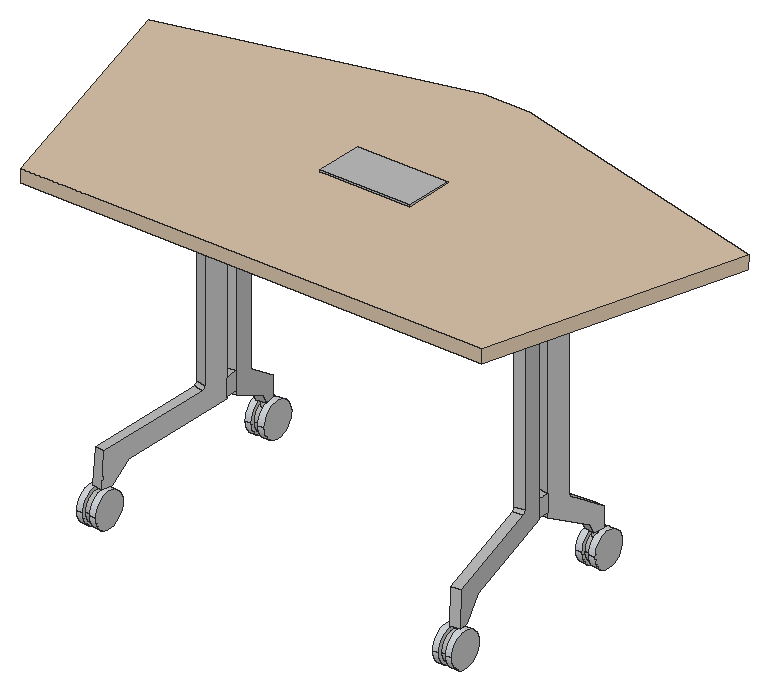
Revit family "Haworth_Planes_TrainingTable_Polygon24", category Furniture Systems, Revit 2018
Family settings
  Round Connector Dimension = Use Diameter
  Part Type = Normal
  OmniClass Number = 23.40.70.14.64.21
  OmniClass Title = Systems Furniture
  Work Plane-Based = No
  Always vertical = Yes
  Cut with Voids When Loaded = No
  Shared = No
  Room Calculation Point = No
Parameters (values of type "55w 24d")
  Warranty = "http://www.haworth.com/resources/product-info/warranties"
  Void Top Placement = Actual Height + 2"  # 31"
  Void Cutout Height = if(Cutout, 5", 1/2")  # 5"
  URL - Product = "http://www.haworth.com/products/tables/training/planes"
  Type Comments = ""
  Table Finish [instance] = Haworth _ Laminate _ Maple H-AE
  Table Edge Finish [instance] = Haworth _ Laminate _ Maple H-AE
  Sustainability Info = "http://media.haworth.com/asset/5175/Planes%20tables%20PEDS.pdf"
  Opening Single Wide = no
  Opening Single Narrow = no
  Opening Single = and(Cutout, not(or(Opening Single Wide, Opening Single Narrow)))  # yes
  Leg Placement = 28"  # constant formula
  Knife Edge = not(Edgeband)  # no
  Fliptop Width = Cutout Width + 1/4"  # 8 1/4"
  Fliptop Depth = Cutout Depth + 3/8"  # 4 3/8"
  Model = "TACV"  # constant formula
  Leg Finish [instance] = Haworth _ Paint _ Metallic Champagne
  Glides = not(Casters)  # no
  Flip Top Finish = Haworth _ Paint _ Metallic Champagne
  Flip Top = yes
  Edgeband = yes
  Description = "Haworth - Planes Training - Table Polygon - 24"  # constant formula
  Cutout Width = if(Opening Single Wide, 11", if(Opening Single Narrow, 4", 8"))  # 8"
  Cutout Depth = 4"  # constant formula
  URL = "www.haworth.com"
  Table Thickness = 1 3/16"  # constant formula
  Support Spacing - From Edge = 6 1/4"  # constant formula
  Size = "Verify Final Dim. w/ Haworth"  # constant formula
  Revision Number = "3"  # constant formula
  Manufacturer = "Haworth"  # constant formula
  Leg Height = Actual Height - Table Thickness  # 27 13/16"
  Cutout = yes
  Casters = yes
  Caster Finish [instance] = Haworth _ Paint _ Metallic Champagne
  Author = "Haworth (Hampton, Alias)"  # constant formula
  Assembly Code = "E2020200"
  Actual Width = 55"  # constant formula
  Actual Height = 29"  # constant formula
  Actual Depth = 24"  # constant formula
Reference planes (in)
  plane 1 "Middle Leg": y = 0
  plane 2: z = 0
  plane 3 "Center L/R": x = 0
  plane 4 "Table Edge Left": x = -27.5
  plane 5 "Table Edge Right": x = 27.5
  plane 6 "Table Edge Front": y = 15.10622
  plane 7 "Table Edge Back": y = -8.89378
  plane 8 "Table Leg Left": x = -14
  plane 9 "Table Leg Right": x = 14
  plane 10 "Top": z = 29
  plane 11 "Support Back": y = 8.85622
  plane 12 "Left Angle": through (-19.72668, -14.03707, 48) normal (-0.963, -0.2695, 0)
  plane 13 "Top Bottom": z = 27.8125
  plane 14 "Void Bottom": z = 27
  plane 15 "Void Top": z = 31
  plane 16 "Center F/B": y = 6.35622
  plane 17 "Cutout Left": x = -4.125
  plane 18 "Cutout Right": x = 4.125
  plane 19 "Cutout Back": y = 8.35622
  plane 20 "Cutout Front": y = 4.35622
  plane 21 "Void Cutout Bottom": z = 26
  plane 22 "Back Corner": y = 13.78074
  plane 23 "Corner Left": x = -2.125
  plane 24 "Corner Right": x = 2.125
  plane 25 "Right Angel": through (19.73158, -14.04208, 48) normal (-0.9632, 0.2689, 0)
  plane 26 "Left Back": through (6.24166, 22.55102, 48) normal (0.2516, -0.9678, 0)
  plane 27 "Right Back": through (-6.24166, 22.55102, 48) normal (0.2516, 0.9678, 0)
  plane 28 "Back": y = 20.37632
  plane 29 "Knife Edge Middle": z = 28.625
Forms (in)
  Extrusion 1, solid, material "Haworth _ Laminate _ Maple H-AE" <- "Table Finish", visible <- "Edgeband"
    sketch origin (0, 0, 29) x (-1, 0, 0) y (0, -1, 0)
      loop
        line (-27.49895, -13.78101) -> (-2.125, -20.37632) -> (2.125, -20.37632) -> (27.51121, -13.77782) -> (21.16613, 8.89378) -> (-21.16883, 8.89378) -> (-27.49895, -13.78101)
    from -1.1875 to 0
  Extrusion 2, void
    sketch origin (0, 0, 29) x (-1, 0, 0) y (0, -1, 0)
      loop
        line (4.125, -8.35622) -> (4.125, -4.35622) -> (-4.125, -4.35622) -> (-4.125, -8.35622) -> (4.125, -8.35622)
    from -3 to 2
  Extrusion 3, solid, material "Haworth _ Laminate _ Maple H-AE" <- "Table Finish", visible <- "Knife Edge"
    sketch origin (0, 0, 29) x (-1, 0, 0) y (0, -1, 0)
      loop
        line (-27.49895, -13.78101) -> (-2.125, -20.37632) -> (2.125, -20.37632) -> (27.51121, -13.77782) -> (21.16613, 8.89378) -> (-21.16883, 8.89378) -> (-27.49895, -13.78101)
    from -0.375 to 0
  Blend 4, solid, material "Haworth _ Laminate _ Maple H-AE" <- "Table Finish", visible <- "Knife Edge"
    base sketch origin (0, 0, 29) x (-1, 0, 0) y (0, -1, 0)
      loop
        line (27.51121, -13.77782) -> (21.72587, 6.89378) -> (-21.72717, 6.89378) -> (-27.49895, -13.78101) -> (-2.125, -20.37632) -> (2.125, -20.37632) -> (27.51121, -13.77782)
    top sketch origin (0, 0, 29) x (-1, 0, 0) y (0, -1, 0)
      loop
        line (21.16613, 8.89378) -> (-21.16883, 8.89378) -> (-27.49895, -13.78101) -> (-2.125, -20.37632) -> (2.125, -20.37632) -> (27.51121, -13.77782) -> (21.16613, 8.89378)
    from -1.1875 to -0.375
Cuts and joins
  Extrusion 2 cuts Extrusion 1
  Extrusion 2 cuts Extrusion 3
  Extrusion 2 cuts Blend 4
  joined: Extrusion 3, Blend 4
Lines and regions (in)
  Masking region 1
    outline origin (0, 0, 29) x (-1, 0, 0) y (0, -1, 0)
      loop
        line (-2.125, -20.37632) -> (2.125, -20.37632) -> (27.51121, -13.77782) -> (21.16613, 8.89378) -> (-21.16883, 8.89378) -> (-27.49895, -13.78101) -> (-2.125, -20.37632)
  symbolic lines, style "Haworth", visible <- "Cutout", detail levels medium+fine
    curve 1: line (-4.125, 8.35622, 29) -> (4.125, 8.35622, 29)
    curve 2: line (-4.125, 4.35622, 29) -> (-4.125, 8.35622, 29)
    curve 3: line (4.125, 4.35622, 29) -> (-4.125, 4.35622, 29)
    curve 4: line (4.125, 8.35622, 29) -> (4.125, 4.35622, 29)
  symbolic lines, style "Haworth Hidden", visible <- "Knife Edge", detail levels medium+fine
    curve 5: line (-21.72587, -6.89378, 29) -> (21.72717, -6.89378, 29)
Dimensions and locks (in)
  "Actual Width": plane 4 "Table Edge Left" to plane 5 "Table Edge Right"
  equal spacing: plane 4 "Table Edge Left", plane 3 "Center L/R", plane 5 "Table Edge Right"
  "Actual Depth": plane 6 "Table Edge Front" to plane 7 "Table Edge Back"
  plane 6 "Table Edge Front" to plane 1 "Middle Leg" to plane 7 "Table Edge Back" = 15.10622", 8.89378"
  "Actual Height": plane 10 "Top" to level
  equal spacing: plane 8 "Table Leg Left", plane 3 "Center L/R", plane 9 "Table Leg Right"
  "Leg Placement": plane 8 "Table Leg Left" to plane 9 "Table Leg Right"
  "Table Thickness": plane 10 "Top" to plane 13 "Top Bottom"
  "Support Spacing - From Edge": plane 6 "Table Edge Front" to plane 11 "Support Back"
  "Void Top Placement": plane 15 "Void Top" to level
  plane 15 "Void Top" to plane 14 "Void Bottom" = 4"
  locked: plane 11 "Support Back" to plane 16 "Center F/B" at 2.5
  equal spacing: plane 17 "Cutout Left", plane 3 "Center L/R", plane 18 "Cutout Right"
  "Fliptop Width": plane 17 "Cutout Left" to plane 18 "Cutout Right"
  equal spacing: plane 19 "Cutout Back", plane 16 "Center F/B", plane 20 "Cutout Front"
  "Cutout Depth": plane 19 "Cutout Back" to plane 20 "Cutout Front"
  "Void Cutout Height": plane 15 "Void Top" to plane 21 "Void Cutout Bottom"
  locked: plane 6 "Table Edge Front" to plane 22 "Back Corner" at 1.32549
  locked: plane 10 "Top" to plane 29 "Knife Edge Middle" at 0.375
  locked: Blend 4 sketch curve to plane 7 "Table Edge Back" at 2
  locked: plane 7 "Table Edge Back" to curve 5 at 2
  aligned and locked: Extrusion 1 to plane 13 "Top Bottom"
  aligned and locked: plane 10 "Top" to Extrusion 1
  aligned and locked: plane 17 "Cutout Left" to Extrusion 2 sketch curve
  aligned and locked: Extrusion 2 sketch curve to plane 20 "Cutout Front"
  aligned and locked: plane 18 "Cutout Right" to Extrusion 2 sketch curve
  aligned and locked: Extrusion 2 sketch curve to plane 19 "Cutout Back"
  aligned and locked: Extrusion 2 to plane 21 "Void Cutout Bottom"
  aligned and locked: plane 15 "Void Top" to Extrusion 2
  aligned and locked: plane 1 "Middle Leg" to nested 1
  aligned and locked: nested 2 to plane 1 "Middle Leg"
  aligned and locked: plane 8 "Table Leg Left" to nested 1
  aligned and locked: plane 9 "Table Leg Right" to nested 2
  aligned and locked: Masking region 1 sketch curve to plane 26 "Left Back"
  aligned and locked: Masking region 1 sketch curve to plane 25 "Right Angel"
  aligned and locked: plane 26 "Left Back" to Extrusion 1 sketch curve
  aligned and locked: plane 25 "Right Angel" to Extrusion 1 sketch curve
  aligned and locked: plane 28 "Back" to Masking region 1 sketch curve
  aligned and locked: plane 28 "Back" to Extrusion 1 sketch curve
  aligned and locked: curve 4 to cut or joined group of Extrusion 1, Extrusion 2
  aligned and locked: curve 1 to cut or joined group of Extrusion 1, Extrusion 2
  aligned and locked: curve 2 to cut or joined group of Extrusion 1, Extrusion 2
  aligned and locked: curve 3 to cut or joined group of Extrusion 1, Extrusion 2
  aligned and locked: nested 3 to plane 16 "Center F/B"
  aligned and locked: plane 3 "Center L/R" to nested 3
  aligned and locked: Extrusion 1 sketch curve to plane 12 "Left Angle"
  aligned and locked: Extrusion 1 sketch curve to plane 7 "Table Edge Back"
  aligned and locked: Extrusion 3 sketch curve to plane 7 "Table Edge Back"
  aligned and locked: plane 25 "Right Angel" to Extrusion 3 sketch curve
  aligned and locked: Extrusion 3 sketch curve to plane 27 "Right Back"
  aligned and locked: plane 26 "Left Back" to Extrusion 3 sketch curve
  aligned and locked: Extrusion 3 sketch curve to plane 12 "Left Angle"
  aligned and locked: plane 28 "Back" to Extrusion 3 sketch curve
  aligned and locked: plane 10 "Top" to Extrusion 3
  aligned and locked: plane 29 "Knife Edge Middle" to Extrusion 3
  aligned and locked: Blend 4 sketch curve to plane 12 "Left Angle"
  aligned and locked: plane 26 "Left Back" to Blend 4 sketch curve
  aligned and locked: plane 27 "Right Back" to Blend 4 sketch curve
  aligned and locked: Blend 4 sketch curve to plane 28 "Back"
  aligned and locked: Blend 4 sketch curve to plane 25 "Right Angel"
  aligned and locked: plane 25 "Right Angel" to Blend 4 sketch curve
  aligned and locked: Blend 4 sketch curve to plane 27 "Right Back"
  aligned and locked: plane 28 "Back" to Blend 4 sketch curve
  aligned and locked: Blend 4 sketch curve to plane 26 "Left Back"
  aligned and locked: plane 12 "Left Angle" to Blend 4 sketch curve
  aligned and locked: Blend 4 sketch curve to plane 7 "Table Edge Back"
  aligned and locked: Blend 4 to nested 1
  aligned and locked: Blend 4 to plane 29 "Knife Edge Middle"
  aligned and locked: plane 16 "Center F/B" to nested 4
  aligned and locked: plane 3 "Center L/R" to nested 4
  aligned and locked: plane 2 to nested 4
  aligned and locked: plane 10 "Top" to nested 3
Automatic sketch dimensions
  plane 27 "Right Back" to Extrusion 1 sketch curve = 0"
  Extrusion 1 sketch curve to plane 24 "Corner Right" = 0"
  plane 27 "Right Back" to Masking region 1 sketch curve = 0"
  Masking region 1 sketch curve to plane 7 "Table Edge Back" = 0"
  Masking region 1 sketch curve to plane 24 "Corner Right" = 0"
  plane 12 "Left Angle" to Masking region 1 sketch curve = 0"  (x2)
  plane 25 "Right Angel" to curve 5 = 0"
  plane 12 "Left Angle" to curve 5 = 0"
Nested families (in)
  nested 1: "Haworth_Leg-Planes_Training_24D" at (-14, 0, 0), type "Leg"
    with Leg Height 27 13/16"
  nested 2: "Haworth_Leg-Planes_Training_24D" at (14, 0, 0) x (-1, 0, 0) z (0, 0, 1), type "Leg"
    with Leg Height 27 13/16"
  nested 3: "Haworth_Worksurface_FlipTop_Unit_Part" at (-0.57037, 6.30374, 29), visible <- "Flip Top", type "Single Sided"
  nested 4: "Haworth_Planes_TrainingTable_Stretcher_Part" at (0, 3.16339, 0), type "Stretcher"
    with Actual Width 28"
Definition of nested family "Haworth_Leg-Planes_Training_24D"
  Parameters
    Table Depth = 24"
    Model = "Haworth_Leg-Planes_Training_24D"  # constant formula
    Manufacturer = "Haworth"  # constant formula
    Leg Height = 27 1/2"
    Leg Finish = none
    Glides = no
    Front Leg Depth = Table Depth - 12 1/2"  # 11 1/2"
    Description = "Haworth_Leg-Planes_Training_24D"
    Casters = yes
    Caster Finish = none
    Author = "Haworth (Hampton)"  # constant formula
    Assembly Code = ""
  Reference planes (in)
    plane 1 "Center (Front/Back)": y = 0
    plane 2: z = 0
    plane 3 "Center (Left/Right)": x = 0
    plane 4 "Top of Leg": z = 27.5
    plane 5 "Y Leg Stand": x = -2.35156
    plane 6 "Left Y Leg": through (-0.17621, 0.60996, 48) normal (-0.8829, -0.4695, 0)
    plane 7 "Left Post": x = -0.5625
    plane 8 "Left Support": y = 11.57793
    plane 9: through (-0.17621, -0.60996, 48) normal (0.8829, -0.4695, 0)
    plane 10: y = -11.32793
    plane 11: x = -1.18359
    plane 12: y = 6.2083
  Forms (in)
    Revolve 1, solid, material <- "Leg Finish", visible <- "Glides"
      sketch origin (-1.19307, 0.20824, 0) x (-0.000803, -1, 0) y (0, 0, 1)
        loop
          line (-11.36969, 3.4375) -> (-11.36969, 0) -> (-10.36969, 0) -> (-10.36969, 0.1875) -> (-10.93219, 0.1875) -> (-10.93219, 3.4375) -> (-11.36969, 3.4375)
        axis (-11.36969, 3.4375) -> (-11.36969, 0)
      angle from 0 to 360
    Revolve 2, solid, material <- "Leg Finish", visible <- "Glides"
      sketch origin (-2.36034, 6.04176, 0) x (-0.000803, 1, 0) y (0, 0, -1)
        loop
          line (-11.36969, -3.4375) -> (-10.93219, -3.4375) -> (-10.93219, -0.1875) -> (-10.36969, -0.1875) -> (-10.36969, 0) -> (-11.36969, 0) -> (-11.36969, -3.4375)
        axis (-11.36969, -3.4375) -> (-11.36969, 0)
      angle from 0 to 360
    Extrusion 3, solid, material <- "Leg Finish"
      sketch origin (2.0119, -0.80233, 0) x (0.182579, 0.983191, 0) y (0, 0, 1)
        loop
          line (-5.69087, 6.26139) -> (-5.92579, 3.18345) -> (-4.98335, 3.18345) -> (-3.36322, 4.80358) -> (5.9043, 6.287) -> (5.9043, 26.93342) -> (3.92462, 26.93342) -> (3.92462, 8.10519)
          arc (3.92462, 8.10519) -> (3.85321, 7.91062) -> (3.67287, 7.80844) r 0.30078
          line (3.67287, 7.80844) -> (-5.69087, 6.26139)
      from -3.86674 to -2.94248
    Extrusion 4, solid, material <- "Leg Finish"
      sketch origin (1.99524, 0.3822, 0) x (-0.173889, 0.984765, 0) y (0, 0, 1)
        loop
          line (12.02172, 5.02236) -> (8.82242, 7.10002)
          arc (8.82242, 7.10002) -> (8.72191, 7.20875) -> (8.68546, 7.35227) r 0.30078
          line (8.68546, 7.35227) -> (8.68546, 26.93508) -> (6.68546, 26.93508) -> (6.68546, 6.03031) -> (10.72996, 3.95038) -> (11.08119, 3.19717) -> (12.08119, 3.19717) -> (12.02172, 5.02236)
      from -1.61621 to -0.69725
    Extrusion 5, solid, material <- "Leg Finish"
      sketch origin (0, 0, 0) x (1, 0, 0) y (0, 1, 0)
        loop
          line (-1.10665, 8.6543) -> (-1.44451, 8.6543) -> (-1.44451, 3.76231) -> (-1.07329, 3.76231) -> (-0.71184, 5.70871) -> (-0.75887, 6.68477) -> (-1.10665, 8.6543)
      from 25.04979 to 26.93342
    Extrusion 6, solid, material <- "Leg Finish"
      sketch origin (0, 0, 0) x (1, 0, 0) y (0, 1, 0)
        loop
          line (-0.75887, 6.68477) -> (-0.71184, 5.70871) -> (0.19689, 5.53996) -> (0.14609, 6.84456) -> (-0.75887, 6.68477)
      from 6.48123 to 8.06038
  Lines and regions (in)
    symbolic lines, detail levels medium+fine
      curve 1: line (-2.87176, -5.92254, 0) -> (-1.96304, -6.09129, 0)
      curve 2: line (-1.96304, -6.09129, 0) -> (0.19689, 5.53996, 0)
      curve 3: line (0.19689, 5.53996, 0) -> (0.14609, 6.84456, 0)
      curve 4: line (0.14609, 6.84456, 0) -> (-0.79217, 12.15809, 0)
      curve 5: line (-0.79217, 12.15809, 0) -> (-1.69713, 11.9983, 0)
      curve 6: line (-1.69713, 11.9983, 0) -> (-0.75887, 6.68477, 0)
      curve 7: line (-0.75887, 6.68477, 0) -> (-0.71184, 5.70871, 0)
      curve 8: line (-0.71184, 5.70871, 0) -> (-2.87176, -5.92254, 0)
  Dimensions and locks (in)
    "Leg Height": plane 4 "Top of Leg" to level
    plane 8 "Left Support" to plane 10 = 22.90586"
    plane 12 to plane 10 = 17.53623"
  Automatic sketch dimensions
    Revolve 1 sketch curve to level = 0"
    level to Revolve 1 sketch curve = 3.42885"
    Revolve 1 sketch curve to Revolve 1 sketch curve = 0"
    level to Revolve 1 sketch curve = 3/16"
    Revolve 1 sketch curve to Revolve 1 sketch curve = 7/16"
    Revolve 1 sketch curve to Revolve 1 sketch curve = 9/16"
    Revolve 1 sketch curve to level = 1.07115"
    Revolve 1 sketch curve to Revolve 1 sketch curve = 0.00865"
    Revolve 2 sketch curve to level = 0"
    level to Revolve 2 sketch curve = 3.42885"
    Revolve 2 sketch curve to Revolve 2 sketch curve = 0"
    level to Revolve 2 sketch curve = 3/16"
    Revolve 2 sketch curve to Revolve 2 sketch curve = 7/16"
    Revolve 2 sketch curve to Revolve 2 sketch curve = 9/16"
    Revolve 2 sketch curve to Revolve 2 sketch curve = 0.00865"
    Revolve 2 sketch curve to level = 1.07115"
    Extrusion 3 sketch curve to Extrusion 3 sketch curve = 1.62012"  (x2)
    Extrusion 3 sketch curve to Extrusion 3 sketch curve = 0.04903"
    Extrusion 3 sketch curve to Extrusion 3 sketch curve = 77/256"
    Extrusion 3 sketch curve to plane 4 "Top of Leg" = 0.56658"
    Extrusion 3 sketch curve to Extrusion 3 sketch curve = 1.97968"
    level to Extrusion 3 sketch curve = 8.10519"
    Extrusion 3 sketch curve to Extrusion 3 sketch curve = 1.81819"
    level to Extrusion 3 sketch curve = 6.26139"
    Extrusion 3 sketch curve to Extrusion 3 sketch curve = 1.45781"
    Extrusion 3 sketch curve to Extrusion 3 sketch curve = 0.23492"
    Extrusion 3 sketch curve to Extrusion 3 sketch curve = 0.94244"
    Extrusion 3 sketch curve to Extrusion 3 sketch curve = 6.98706"
    Extrusion 4 sketch curve to plane 4 "Top of Leg" = 0.56492"
    Extrusion 4 sketch curve to Extrusion 4 sketch curve = 2"
    Extrusion 4 sketch curve to Extrusion 4 sketch curve = 0.13696"
    Extrusion 4 sketch curve to Extrusion 4 sketch curve = 77/256"
    level to Extrusion 4 sketch curve = 7.35227"
    Extrusion 4 sketch curve to Extrusion 4 sketch curve = 1.06971"
    Extrusion 4 sketch curve to Extrusion 4 sketch curve = 2.07765"
    Extrusion 4 sketch curve to Extrusion 4 sketch curve = 1.07199"
    Extrusion 4 sketch curve to Extrusion 4 sketch curve = 0.75321"
    Extrusion 4 sketch curve to Extrusion 4 sketch curve = 1.90754"
    Extrusion 4 sketch curve to Extrusion 4 sketch curve = 0.35123"
    Extrusion 4 sketch curve to Extrusion 4 sketch curve = 1.29176"
    Extrusion 4 sketch curve to Extrusion 4 sketch curve = 1"
    plane 11 to Extrusion 5 sketch curve = 0.26091"
    Extrusion 5 sketch curve to plane 11 = 0.07695"
    Extrusion 5 sketch curve to plane 11 = 0.11031"
    plane 7 "Left Post" to Extrusion 5 sketch curve = 0.19637"
    plane 7 "Left Post" to Extrusion 5 sketch curve = 0.14934"
    Extrusion 5 sketch curve to plane 1 "Center (Front/Back)" = 3.76231"
    Extrusion 5 sketch curve to Extrusion 5 sketch curve = 1.9464"
    Extrusion 5 sketch curve to Extrusion 5 sketch curve = 0.97606"
    Extrusion 5 sketch curve to Extrusion 5 sketch curve = 1.96953"
    plane 7 "Left Post" to Extrusion 6 sketch curve = 0.19637"
    plane 7 "Left Post" to Extrusion 6 sketch curve = 0.14934"
    plane 3 "Center (Left/Right)" to Extrusion 6 sketch curve = 0.14609"
    plane 3 "Center (Left/Right)" to Extrusion 6 sketch curve = 0.19689"
    Extrusion 6 sketch curve to plane 1 "Center (Front/Back)" = 5.53996"
    Extrusion 6 sketch curve to Extrusion 6 sketch curve = 0.16875"
    Extrusion 6 sketch curve to Extrusion 6 sketch curve = 0.97606"
    Extrusion 6 sketch curve to Extrusion 6 sketch curve = 0.1598"
    plane 5 "Y Leg Stand" to curve 1 = 0.5202"
    curve 1 to plane 5 "Y Leg Stand" = 0.38852"
    plane 11 to curve 5 = 0.51353"
    plane 7 "Left Post" to curve 4 = 0.22967"
    plane 7 "Left Post" to curve 7 = 0.19637"
    plane 7 "Left Post" to curve 8 = 0.14934"
    plane 3 "Center (Left/Right)" to curve 3 = 0.14609"
    plane 3 "Center (Left/Right)" to curve 3 = 0.19689"
    curve 1 to curve 1 = 0.16875"
    curve 7 to plane 12 = 0.49959"
    plane 12 to curve 7 = 0.47646"
    curve 6 to curve 3 = 0.1598"
  Nested families (in)
    nested 1: "Haworth_3in Caster" at (-1.18359, 11.57793, 0), visible <- "Casters", type "Haworth_3in Caster"
    nested 2: "Haworth_3in Caster" at (-2.35156, -5.32793, 0), visible <- "Casters", type "Haworth_3in Caster"
  Definition of nested family "Haworth_3in Caster"
    Parameters
      Glides = yes
      Caster Finish = none
      Cart Leg Finish = none
      Assembly Code = ""
    Reference planes (in)
      plane 1 "Center (Front/Back)": y = 0
      plane 2: z = 0
      plane 3 "Center (Left/Right)": x = 0
    Forms (in)
      Extrusion 1, solid
        sketch origin (0, 0, -0.02118) x (0, 1, 0) y (0, 0, 1)
          loop
            circle (-0.48695, 1.58368) r 1.5625
        from 0.875 to 0.3125
      Extrusion 2, solid
        sketch origin (0, 0, -0.02118) x (0, 1, 0) y (0, 0, 1)
          loop
            circle (-0.48695, 1.58368) r 1.5625
        from -0.875 to -0.3125
      Extrusion 3, solid
        sketch origin (0, 0, 0) x (0, 1, 0) y (0, 0, 1)
          loop
            circle (-0.48695, 1.5625) r 1.3125
        from -0.3125 to 0.3125
      Extrusion 4, solid
        sketch origin (0, 0, 0) x (1, 0, 0) y (0, 1, 0)
          loop
            circle (0, 0) r 0.25
        from 2.4375 to 3.4375
    Cuts and joins
      joined: Extrusion 3, Extrusion 4
    Dimensions and locks (in)
      plane 3 "Center (Left/Right)" to Extrusion 2 = 5/16"
      Extrusion 1 to plane 3 "Center (Left/Right)" = 7/8"
Definition of nested family "Haworth_Worksurface_FlipTop_Unit_Part"
  Parameters (values of type "Single Sided")
    Warranty = "www.haworth.com/en-us/Products/Pages/Certifications.aspx"
    URL - Product = "www.haworth.com/en-us/Products/Furniture/Systems/Desking-Systems/Pages/Compose.aspx"
    URL = "www.haworth.com"
    Sustainability Info = "www.haworth.com/en-us/About-Us/Sustainability/Pages/Vision.aspx"
    Size = "Verify Final Dim. w/ Haworth"  # constant formula
    Revision Number = "2"  # constant formula
    Model = "Haworth_Worksurface-Flip_Top_Unit"  # constant formula
    Manufacturer = "Haworth"  # constant formula
    LEED Data = "www.haworth.com/_layouts/Haworth.ProductCatalog/Handlers/GetAsset.ashx/ComposeLEEDContributions.pdf?cid=27&rid=1824&type=Leed"
    Flip Top Finish = none
    Description = "Haworth Worksurface-Flip Top Unit - Part"
    Default Elevation = 48"
    Author = "SHAPE Environments, LLC"  # constant formula
    Assembly Code = "E2020200"
    Actual Width = 8 1/4"
    Actual Depth = 4 3/8"
  Reference planes (in)
    plane 1 "Center F/B": y = 0.05249
    plane 2: z = 0
    plane 3 "Center L/R": x = 0.57037
    plane 4 "Back": y = 2.23999
    plane 5 "Right": x = 4.69537
    plane 6 "Front": y = -2.13501
    plane 7 "Left": x = -3.55463
    plane 8 "Table Height": z = 0
  Forms (in)
    Extrusion 1, solid, material <- "Flip Top Finish"
      sketch origin (0, 0, 0) x (-1, 0, 0) y (0, -1, 0)
        loop
          line (3.55463, -2.23999) -> (3.55463, 2.13501) -> (-4.69537, 2.13501) -> (-4.69537, -2.23999) -> (3.55463, -2.23999)
      from 0 to 0.125
    Extrusion 2, solid, material <- "Flip Top Finish"
      sketch origin (0, 0, 0) x (-1, 0, 0) y (0, -1, 0)
        loop
          line (3.42963, -2.05249) -> (3.42963, 1.94751) -> (-4.57037, 1.94751) -> (-4.57037, -2.05249) -> (3.42963, -2.05249)
      from 0 to -2.75
  Cuts and joins
    joined: Extrusion 1, Extrusion 2
  Lines and regions (in)
    Masking region 1
      outline origin (0, 0, 0) x (1, 0, 0) y (0, 1, 0)
        loop
          line (-3.55463, 2.23999) -> (-3.55463, -2.13501) -> (4.69537, -2.13501) -> (4.69537, 2.23999) -> (-3.55463, 2.23999)
  Dimensions and locks (in)
    equal spacing: plane 7 "Left", plane 3 "Center L/R", plane 5 "Right"
    "Actual Width": plane 7 "Left" to plane 5 "Right"
    equal spacing: plane 6 "Front", plane 1 "Center F/B", plane 4 "Back"
    "Actual Depth": plane 4 "Back" to plane 6 "Front"
    plane 7 "Left" to Extrusion 2 sketch curve = 1/8"
    plane 4 "Back" to Extrusion 2 sketch curve = 3/16"
    Extrusion 2 sketch curve to plane 5 "Right" = 1/8"
    Extrusion 2 sketch curve to plane 6 "Front" = 3/16"
    locked: plane 8 "Table Height" to level
    aligned and locked: plane 7 "Left" to Extrusion 1 sketch curve
    aligned and locked: Extrusion 1 sketch curve to plane 4 "Back"
    aligned and locked: plane 6 "Front" to Extrusion 1 sketch curve
    aligned and locked: Extrusion 1 sketch curve to plane 5 "Right"
    aligned and locked: Masking region 1 sketch curve to cut or joined group of Extrusion 1, Extrusion 2  (x3)
    aligned and locked: cut or joined group of Extrusion 1, Extrusion 2 to Masking region 1 sketch curve
Definition of nested family "Haworth_Planes_TrainingTable_Stretcher_Part"
  Parameters (values of type "Stretcher")
    Warranty = "http://www.haworth.com/resources/product-info/warranties"
    URL - Product = "http://www.haworth.com/products/tables/training/planes"
    Type Comments = ""
    Sustainability Info = "http://media.haworth.com/asset/5175/Planes%20tables%20PEDS.pdf"
    Model = "TARA"  # constant formula
    Leg Finish = none
    Description = "Haworth - Planes Training - Table Stretcher"
    URL = "www.haworth.com"
    Size = "Verify Final Dim. w/ Haworth"  # constant formula
    Revision Number = "1"  # constant formula
    Manufacturer = "Haworth"  # constant formula
    Author = "Haworth (Hampton)"  # constant formula
    Assembly Code = "E2020200"
    Actual Width = 46"
    Actual Depth = 5 61/256"  # constant formula
  Reference planes (in)
    plane 1 "Bottom": z = 0
    plane 2 "Center L/R": x = 0
    plane 3 "Left": x = -23
    plane 4 "Right": x = 23
    plane 5 "Strecther Back": y = 5.81197
    plane 6 "Stretcher Front": y = 0.57369
    plane 7 "Center FB": y = 3.19283
  Forms (in)
    Extrusion 1, solid, material <- "Leg Finish"
      sketch origin (30, 0.35365, 0) x (0, 1, 0) y (0, 0, 1)
        loop
          line (0.2204, 26.95529) -> (0.2204, 25.04023) -> (1.90683, 24.00491) -> (1.98015, 23.98526) -> (3.69856, 23.98526) -> (3.77188, 24.00491) -> (5.45832, 25.04023) -> (5.45832, 26.95529) -> (0.2204, 26.95529)
      from -53 to -7
  Lines and regions (in)
    symbolic lines, detail levels medium+fine
      curve 1: line (-23, 0.57369, 29) -> (23, 0.57369, 29)
      curve 2: line (23.19689, 5.81197, 29) -> (-23.19689, 5.81197, 29)
  Dimensions and locks (in)
    "Actual Depth": plane 5 "Strecther Back" to plane 6 "Stretcher Front"
    equal spacing: plane 5 "Strecther Back", plane 7 "Center FB", plane 6 "Stretcher Front"
    "Actual Width": plane 3 "Left" to plane 4 "Right"
    equal spacing: plane 3 "Left", plane 2 "Center L/R", plane 4 "Right"
    aligned and locked: plane 4 "Right" to Extrusion 1
    aligned and locked: Extrusion 1 to plane 3 "Left"
    aligned and locked: plane 5 "Strecther Back" to Extrusion 1
    aligned and locked: curve 1 to plane 6 "Stretcher Front"
    aligned and locked: plane 5 "Strecther Back" to curve 2
  Automatic sketch dimensions
    Extrusion 1 sketch curve to Extrusion 1 sketch curve = 1.68644"  (x2)
    Extrusion 1 sketch curve to Extrusion 1 sketch curve = 0.07332"  (x2)
    Extrusion 1 sketch curve to Extrusion 1 sketch curve = 1.71841"
    Extrusion 1 sketch curve to Extrusion 1 sketch curve = 0.01965"  (x2)
    Extrusion 1 sketch curve to Extrusion 1 sketch curve = 1.03532"  (x2)
    Extrusion 1 sketch curve to Extrusion 1 sketch curve = 1.91506"
    curve 1 to plane 4 "Right" = 0"
    curve 1 to plane 3 "Left" = 0"
    plane 4 "Right" to curve 2 = 0.19689"
    curve 2 to plane 3 "Left" = 0.19689"
    Extrusion 1 sketch curve to plane 5 "Strecther Back" = 0"
    level to Extrusion 1 sketch curve = 23.98526"
